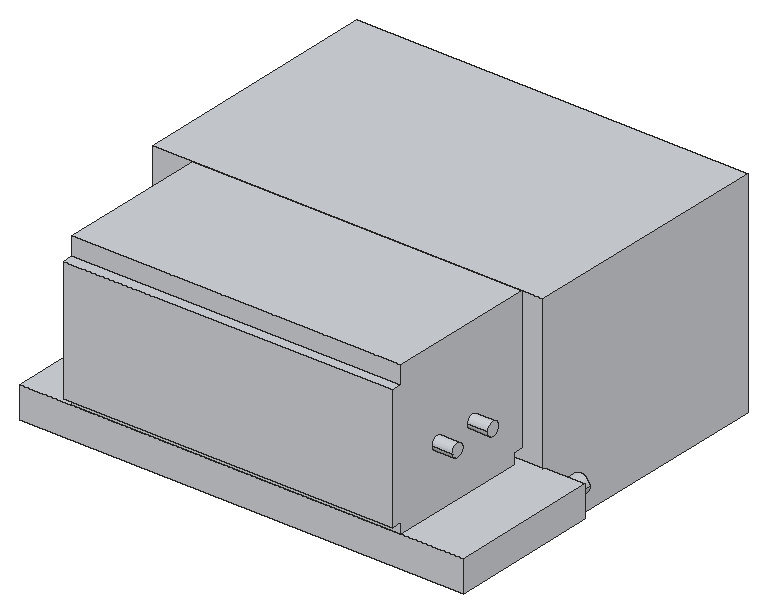
Revit family "M_Unidade de serpentina do ventilador com plenum - Horizontal - DX - Retorno traseiro", category Equipamento mecânico, Revit 2019
Family settings
  Cota do conector redondo = Utilizar diâmetro
  Tipo de parte = Normal
  Número OmniClass = 23.75.70.17.27
  Título OmniClass = Fan Coil Units
  ID de item do Seek = Fan Coil Unit with Plenum - Horizontal - DX - Rear Return-0000-CAN-ENU
  Com base no plano de trabalho = Não
  Sempre na vertical = Sim
  Corte com vazios quando carregada = Não
  Compartilhado = Não
  Ponto de cálculo do ambiente = Não
Parameters (values of type "94 LPS")
  Voltagem = 120 V
  Comprimento da unidade = 539.8 mm
  Altura da unidade = 222.3 mm
  Capacidade de resfriamento total = 1758.43 W
  Largura do ar de fornecimento = 400 mm
  Altura do ar de fornecimento = 150 mm
  Capacidade de resfriamento perceptível = 1348.13 W
  Largura do ar de retorno = 475 mm
  Fluxo refrigerante [instance] = 0.06 L/s
  Número de pólos = 1
  Fluxo de ar nominal [instance] = 94.39 L/s
  Classificação de carga = Refrigeração
  Pressão estática externa [instance] = 74.65 Pa
  Fluxo da drenagem [instance] = 0.0 L/s
  Material CFU = none
  C2 Deslocamento 1 = 108 mm
  C1 Deslocamento 1 = 108 mm
  Assembly Code = ""
  Carga aparente = 50 VA
Types (7, lengths in mm): name | Comprimento da unidade | Altura da unidade | Capacidade de resfriamento total | Largura do ar de fornecimento | Altura do ar de fornecimento | Capacidade de resfriamento perceptível | Largura do ar de retorno | Fluxo refrigerante | Fluxo de ar nominal | C2 Deslocamento 1 | C1 Deslocamento 1 | Carga aparente
  94 LPS | 539.8 | 222.3 | 1758.43 W | 400 | 150 | 1348.13 W | 475 | 0.06 L/s | 94.39 L/s | 108 | 108 | 50 VA
  141 LPS | 641.4 | 222.3 | 2637.64 W | 500 | 150 | 2022.19 W | 550 | 0.13 L/s | 141.58 L/s | 108 | 108 | 85 VA
  188 LPS | 793.8 | 222.3 | 3897.85 W | 650 | 150 | 3018.63 W | 700 | 0.19 L/s | 188.78 L/s | 108 | 108 | 165 VA
  282 LPS | 920.8 | 254 | 5275.28 W | 800 | 200 | 4278.84 W | 850 | 0.25 L/s | 283.17 L/s | 123.8 | 92.1 | 225 VA
  376 LPS | 1098.6 | 254 | 6623.41 W | 950 | 200 | 4952.9 W | 1000 | 0.32 L/s | 377.56 L/s | 123.8 | 92.1 | 235 VA
  470 LPS | 1454.2 | 254 | 8059.45 W | 1300 | 200 | 6154.49 W | 1400 | 0.38 L/s | 471.95 L/s | 85.7 | 123.8 | 305 VA
  564 LPS | 1657.4 | 254 | 9612.73 W | 1500 | 200 | 7326.78 W | 1600 | 0.44 L/s | 566.34 L/s | 85.7 | 123.8 | 435 VA
Reference planes
  plane 1 "Centro (Frente/Trás)": y = 0
  plane 2: z = 0
  plane 3 "Centro (Esquerda/Direita)": x = 0
  plane 4: y = -12.7
  plane 5: y = 495.3
  plane 6: x = 539.8
  plane 7: x = 463.6
  plane 8: x = 63.6
  plane 9: y = 184.15
  plane 10: z = 222.3
  plane 11: z = 38.1
  plane 12: z = 200.075
  plane 13: y = 171.45
  plane 14: z = 50.8
  plane 15: x = 14
  plane 16: x = 489
  plane 17: y = 53.975
  plane 18: y = 107.95
  plane 19: z = 114.3
  plane 20: z = 114.3
  plane 21: x = 514.4
  plane 22: z = 19.05
  plane 23: y = 209.55
  plane 24: y = 469.9
  plane 25: y = 393.7
  plane 26: z = 174.675
Forms (mm)
  Extrusion 1, solid, material <- "Material CFU"
    sketch origin (0, 0, 0) x (1, 0, 0) y (0, 1, 0)
      loop
        line (0, 184.15) -> (0, 0) -> (539.8, 0) -> (539.8, 184.15) -> (0, 184.15)
    from 0 to 38.1
  Extrusion 2, solid, material <- "Material CFU"
    sketch origin (0, 0, 0) x (0, 1, 0) y (0, 0, 1)
      loop
        line (184.15, 222.3) -> (0, 222.3) -> (0, 200.075) -> (-12.7, 200.075) -> (-12.7, 50.8) -> (0, 50.8) -> (0, 38.1) -> (171.45, 38.1) -> (171.45, 50.8) -> (184.15, 50.8) -> (184.15, 222.3)
    from 63.6 to 463.6
  Extrusion 3, solid, material <- "Material CFU"
    sketch origin (0, 0, 0) x (0, 1, 0) y (0, 0, 1)
      loop
        line (184.15, 222.3) -> (184.15, -38.05) -> (495.3, -38.05) -> (495.3, 222.3) -> (184.15, 222.3)
    from 14 to 489
  Extrusion 4, solid, material <- "Material CFU"
    sketch origin (0, 0, 0) x (1, 0, 0) y (0, 0, 1)
      loop
        circle (514.4, 19.05) r 11.113
    from -209.55 to -184.15
  Extrusion 5, solid, material <- "Material CFU"
    sketch origin (0, 0, 0) x (0, 1, 0) y (0, 0, 1)
      loop
        circle (53.975, 114.3) r 7.938
    from 463.6 to 489
  Extrusion 6, solid, material <- "Material CFU"
    sketch origin (0, 0, 0) x (0, 1, 0) y (0, 0, 1)
      loop
        circle (107.95, 114.3) r 7.938
    from 463.6 to 489
  Extrusion 7, solid, material <- "Material CFU"
    sketch origin (0, 0, 0) x (1, 0, 0) y (0, 1, 0)
      loop
        line (0, 469.9) -> (0, 393.7) -> (14, 393.7) -> (14, 469.9) -> (0, 469.9)
    from 174.675 to 200.075
Dimensions and locks
  locked: plane 4 to plane 1 "Centro (Frente/Trás)" at 12.7
  locked: plane 4 to plane 5 at 508
  "Comprimento da unidade": plane 3 "Centro (Esquerda/Direita)" to plane 6
  locked: plane 7 to plane 6 at 76.2
  "Largura do ar de fornecimento": plane 8 to plane 7
  locked: plane 1 "Centro (Frente/Trás)" to plane 9 at 184.15
  "Altura da unidade": plane 10 to plane 2
  locked: plane 11 to plane 2 at 38.1
  locked: plane 10 to plane 12 at 22.225
  locked: plane 13 to plane 9 at 12.7
  locked: plane 14 to plane 11 at 12.7
  locked: plane 10 to Extrusion 3 sketch curve at 260.35
  locked: plane 4 to plane 17 at 66.675
  locked: plane 4 to plane 18 at 120.65
  "C1 Deslocamento 1": plane 10 to plane 19
  "C2 Deslocamento 1": plane 10 to plane 20
  locked: plane 6 to plane 21 at 25.4
  equal spacing: plane 11, plane 22, level
  locked: plane 9 to plane 23 at 25.4
  locked: plane 7 to plane 16 at 25.4
  locked: plane 5 to plane 24 at 25.4
  locked: plane 24 to plane 25 at 76.2
  locked: plane 12 to plane 26 at 25.4
  "Largura do ar de retorno": plane 15 to plane 16
  radius of Extrusion 5 sketch curve = 7.938 mm
  radius of Extrusion 6 sketch curve = 7.938 mm
  aligned and locked: plane 3 "Centro (Esquerda/Direita)" to Extrusion 1 sketch curve
  aligned and locked: plane 9 to Extrusion 1 sketch curve
  aligned and locked: plane 1 "Centro (Frente/Trás)" to Extrusion 1 sketch curve
  aligned and locked: Extrusion 1 sketch curve to plane 6
  aligned and locked: Extrusion 1 to plane 2
  aligned and locked: plane 11 to Extrusion 1
  aligned and locked: plane 10 to Extrusion 2 sketch curve
  aligned and locked: plane 1 "Centro (Frente/Trás)" to Extrusion 2 sketch curve  (x2)
  aligned and locked: plane 12 to Extrusion 2 sketch curve
  aligned and locked: plane 4 to Extrusion 2 sketch curve
  aligned and locked: Extrusion 2 sketch curve to plane 14  (x2)
  aligned and locked: Extrusion 2 sketch curve to plane 11
  aligned and locked: Extrusion 2 sketch curve to plane 13
  aligned and locked: Extrusion 2 sketch curve to plane 9
  aligned and locked: plane 7 to Extrusion 2
  aligned and locked: Extrusion 2 to plane 8
  aligned and locked: plane 16 to Extrusion 3
  aligned and locked: Extrusion 3 to plane 15
  aligned and locked: plane 22 to Extrusion 4 sketch curve
  aligned and locked: plane 21 to Extrusion 4 sketch curve
  aligned and locked: plane 9 to Extrusion 4
  aligned and locked: Extrusion 4 to plane 23
  aligned and locked: plane 17 to Extrusion 5 sketch curve
  aligned and locked: plane 19 to Extrusion 5 sketch curve
  aligned and locked: plane 20 to Extrusion 6 sketch curve
  aligned and locked: plane 18 to Extrusion 6 sketch curve
  aligned and locked: plane 16 to Extrusion 6
  aligned and locked: plane 16 to Extrusion 5
  aligned and locked: Extrusion 6 to plane 7
  aligned and locked: Extrusion 5 to plane 7
  aligned and locked: plane 3 "Centro (Esquerda/Direita)" to Extrusion 7 sketch curve
  aligned and locked: Extrusion 7 sketch curve to plane 24
  aligned and locked: plane 25 to Extrusion 7 sketch curve
  aligned and locked: Extrusion 7 sketch curve to plane 15
  aligned and locked: plane 12 to Extrusion 7
  aligned and locked: Extrusion 7 to plane 26
Automatic sketch dimensions
  Extrusion 3 sketch curve to plane 9 = 0 mm
  Extrusion 3 sketch curve to plane 5 = 0 mm
  Extrusion 3 sketch curve to plane 10 = 0 mm
  radius of Extrusion 4 sketch curve = 11.113 mm
Connectors
  hvac at (263.6, -12.7, 125.437), driven by "Fluxo de ar nominal", driven by "Altura do ar de fornecimento", driven by "Largura do ar de fornecimento"
    settings: on Extrusion 2, index 1, duct flow 94.39 L/s, flow factor 0, pres drop 0.0 Pa, loss coef 0, conn angle 0.00°, conn width 400 mm, conn height 150 mm, conn diameter 609.6 mm, duct sys type 1, conn prof type 1, flow config 0, flow direction 2, loss method 0, conn ref index 2, conn util no, is conn primary yes, conn desc ""
  hvac at (251.5, 495.3, 92.125), driven by "Fluxo de ar nominal", driven by "Largura do ar de retorno"
    settings: on Extrusion 3, index 2, duct flow 94.39 L/s, flow factor 0, pres drop 0.0 Pa, loss coef 0, conn angle 0.00°, conn width 475 mm, conn height 260.35 mm, conn diameter 609.6 mm, duct sys type 2, conn prof type 1, flow config 0, flow direction 1, loss method 0, conn ref index 1, conn util no, is conn primary no, conn desc ""
  piping at (489, 53.975, 114.3), diameter 15.875, driven by "Fluxo refrigerante"
    settings: on Extrusion 5, index 3, connector inside diameter 15.875 mm, connector length 0 mm, flow factor 0, pipe flow 0.06 L/s, pressure drop 0.0 Pa, fitting loss kfactor 0, connector angle 0.00°, fixture units 0, engagement length 0 mm, angle of deflection 0.00°, flow configuration 1, flow direction 1, fitting loss method 0, system type 22, joint type 0, gender type 0, connector reference index 4, connector utility 0, adjustable connector no, is connector primary yes, connector description "Refrigerante, entrada"
  piping at (489, 107.95, 114.3), diameter 15.875, driven by "Fluxo refrigerante"
    settings: on Extrusion 6, index 4, connector inside diameter 15.875 mm, connector length 0 mm, flow factor 0, pipe flow 0.06 L/s, pressure drop 0.0 Pa, fitting loss kfactor 0, connector angle 0.00°, fixture units 0, engagement length 0 mm, angle of deflection 0.00°, flow configuration 1, flow direction 2, fitting loss method 0, system type 22, joint type 0, gender type 0, connector reference index 3, connector utility 0, adjustable connector no, is connector primary no, connector description "Refrigerante, saída"
  electrical at (0, 431.8, 187.375), driven by "Carga aparente", driven by "Voltagem", driven by "Número de pólos", driven by "Classificação de carga"
    settings: on Extrusion 7, index 5, voltage 120 V, apparent load 50 VA, apparent load phase1 0 VA, apparent load phase2 0 VA, apparent load phase3 0 VA, power factor 0.8, load classification "Refrigeração", number of poles 1, system type 30, power factor state 1, is connector primary yes, connector utility no, sub classification motor no, connector description ""
  piping at (514.4, 209.55, 19.05), diameter 22.225, driven by "Fluxo da drenagem"
    settings: on Extrusion 4, index 6, connector inside diameter 22.225 mm, connector length 0 mm, flow factor 0, pipe flow 0.0 L/s, pressure drop 0.0 Pa, fitting loss kfactor 0, connector angle 0.00°, fixture units 0, engagement length 0 mm, angle of deflection 0.00°, flow configuration 1, flow direction 2, fitting loss method 0, system type 16, joint type 0, gender type 0, connector reference index -1, connector utility 0, adjustable connector yes, is connector primary no, connector description "Drenagem, Saída"
